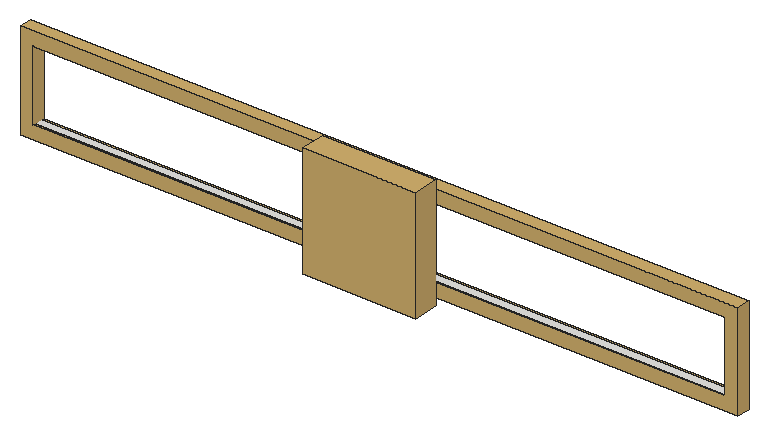
Revit family "3-5056-xx Xanni Vanity", category Luminarias, Revit 2021
Family settings
  Anfitrión = Muro
  Cota de conector redondo = Diámetro de uso
  Tipo de pieza = Normal
  Número OmniClass = 23.80.70.00
  Título OmniClass = Lighting
  Siempre vertical = Sí
  Corte con vacíos al cargar = No
  Origen de luz = Sí
  Compartido = No
  Punto de cálculo de habitación = No
Parameters (values of type "3-5056-40 / Aged Brass - Matte White Acrylic")
  Ángulo de inclinación = 180.00°
  Elevación por defecto = 0.00"
  Comentarios de vataje = "1 x 26.38 W at 120 V"  # constant formula
  Wattage = 26.38 W
  built-in parameter 1150110 = 1 (stored number, unit not read)
  Voltage Input = "120 V or 277 V - 50/60 Hz"  # constant formula
  Voltage = 120 V
  URL = "www.oxygenlighting.com"
  built-in parameter 1114217 = 1 (stored number, unit not read)
  built-in parameter 1150109 = 1 (stored number, unit not read)
  built-in parameter 1150134 = (empty or 0)
  built-in parameter 1150113 = 1 (stored number, unit not read)
  References = "Ref. 3 = 120 V / Ref. 37 = 277 V"  # constant formula
  Modelo = "3-5056-xx / Xanni Vanity"  # constant formula
  Metal Finish = 40 - Aged Brass
  Fabricante = "Oxygen Lighting and Fans"  # constant formula
  Lumens = 1342.74 lm
  built-in parameter 1150115 = 1 (stored number, unit not read)
  built-in parameter 1150105 = 106.85 (stored number, unit not read)
  built-in parameter 1150137 = (empty or 0)
  built-in parameter 1150139 = (empty or 0)
  built-in parameter 1150112 = 1 (stored number, unit not read)
  built-in parameter 1150114 = 1 (stored number, unit not read)
  Lámpara = "LED Array"  # constant formula
  built-in parameter 1150132 = (empty or 0)
  built-in parameter 1150102 = (empty or 0)
  built-in parameter 1150138 = (empty or 0)
  built-in parameter 1150107 = 3000 (stored number, unit not read)
  built-in parameter 1150106 = 1.0685 (stored number, unit not read)
  Height = 16.00"
  built-in parameter 1150104 = 4.7288 (stored number, unit not read)
  Cambio de temperatura de color de luz atenuada = <Ninguno>
  Diffusers = Matte White Acrylic
  Color Filter = 16777215
  built-in parameter 1114218 = 1 (stored number, unit not read)
  Archivo de red fotométrica = "3-6055-40 Xanni 47 Pendant.ies"
  built-in parameter 1150133 = 10 (stored number, unit not read)
Types (2): name | Metal Finish | Archivo de red fotométrica
  3-5056-15 / Black - Matte White Acrylic | 15 - Black | "3-5056-15 Xanni 36 Pendant.ies"
  3-5056-40 / Aged Brass - Matte White Acrylic | 40 - Aged Brass | "3-6055-40 Xanni 47 Pendant.ies"
Reference planes (in)
  plane 1: y = 0
  plane 2 "Light Source Axis (L/R)": x = 4.92126
  plane 3 "Light Source Axis (F/R)": y = 4.33071
  plane 4 "Light Source Elevation": z = 52.56114
  plane 5: y = 2.95276
Text (in)
  text "Placement side" at (-70.3598, 43.96769, 0), in view "Ref. Level"
  text "Placement side" at (0, 83.08644, 117.56134), in view "Left"
  text "Placement side" at (0, 24.74324, 118.58137), in view "Right"
Dimensions and locks (in)
  locked: plane 3 "Light Source Axis (F/R)" to plane 5 at 1.37795
  locked: nested 1 to plane 4 "Light Source Elevation" at 2.36167
  aligned and locked: plane 1 to host wall
  aligned and locked: plane 5 to host wall
  aligned and locked: plane 5 to nested 1
  aligned and locked: plane 4 "Light Source Elevation" to imposter light
  aligned and locked: nested 1 to plane 2 "Light Source Axis (L/R)"
Nested families (in)
  nested 1: "Family2" at (4.92126, 2.95276, 52.70614) x (-1, 0, 0) z (0, 0, 1), type "Family2"
Connectors (in)
  electrical at (4.92126, 2.95276, 52.56114)
    settings: on nested 1, index 1, voltage 0 V, apparent load 0 VA, apparent load phase1 0 VA, apparent load phase2 0 VA, apparent load phase3 0 VA, power factor 1, load classification "Otro", number of poles 1, system type 31, power factor state 1, is connector primary yes, connector utility no, sub classification motor no, connector description ""
Definition of nested family "Family2"
  Parameters (values of type "Family2")
    Metal Finish 2 = none
    Metal Finish 1 = none
    Met = none
    Height = 16.00"
    Default Elevation = 0.00"
    Diffuser = none
  Reference planes (in)
    plane 1 "Center (Front/Back)": y = 0
    plane 2: z = 0
    plane 3 "Center (Left/Right)": x = 0
  Forms (in)
    Extrusion 1, solid, material <- "Metal Finish 1"
      sketch origin (0, 0, -0.4) x (0, 1, 0) y (0, 0, 1)
        loop
          line (-1.22, 3.01) -> (-1.22, -2.5) -> (0, -2.5) -> (0, 3.01) -> (-1.22, 3.01)
      from -2.75667 to 2.75667
    Extrusion 2, solid, material <- "Metal Finish 1"
      sketch origin (0, 0, 0) x (1, 0, 0) y (0, 0, 1)
        loop
          line (-17.5, 2.21667) -> (-17.5, -2.50667) -> (17.5, -2.50667) -> (17.5, 2.21667) -> (-17.5, 2.21667)
        loop
          line (16.87, -1.87667) -> (16.87, 1.58667) -> (-16.87, 1.58667) -> (-16.87, -1.87667) -> (16.87, -1.87667)
      from 1.22 to 1.85
    Extrusion 3, void
      sketch origin (0, 0, 0) x (1, 0, 0) y (0, 1, 0)
        loop
          line (-16.87, -1.30773) -> (-16.87, -1.74955) -> (16.87, -1.74955) -> (16.87, -1.30773) -> (-16.87, -1.30773)
      from -2.39019 to 2.09491
    Extrusion 4, solid, material <- "Diffuser"
      sketch origin (0, 0, 0) x (1, 0, 0) y (0, 1, 0)
        loop
          line (-16.87, -1.30773) -> (-16.87, -1.74955) -> (16.87, -1.74955) -> (16.87, -1.30773) -> (-16.87, -1.30773)
      from 1.58667 to 2.09491
    Extrusion 5, solid, material <- "Diffuser"
      sketch origin (0, 0, 0) x (1, 0, 0) y (0, 1, 0)
        loop
          line (-16.87, -1.30773) -> (-16.87, -1.74955) -> (16.87, -1.74955) -> (16.87, -1.30773) -> (-16.87, -1.30773)
      from -2.39019 to -1.87667
  Cuts and joins
    Extrusion 3 cuts Extrusion 2
  Dimensions and locks (in)
    aligned and locked: level to plane 2
